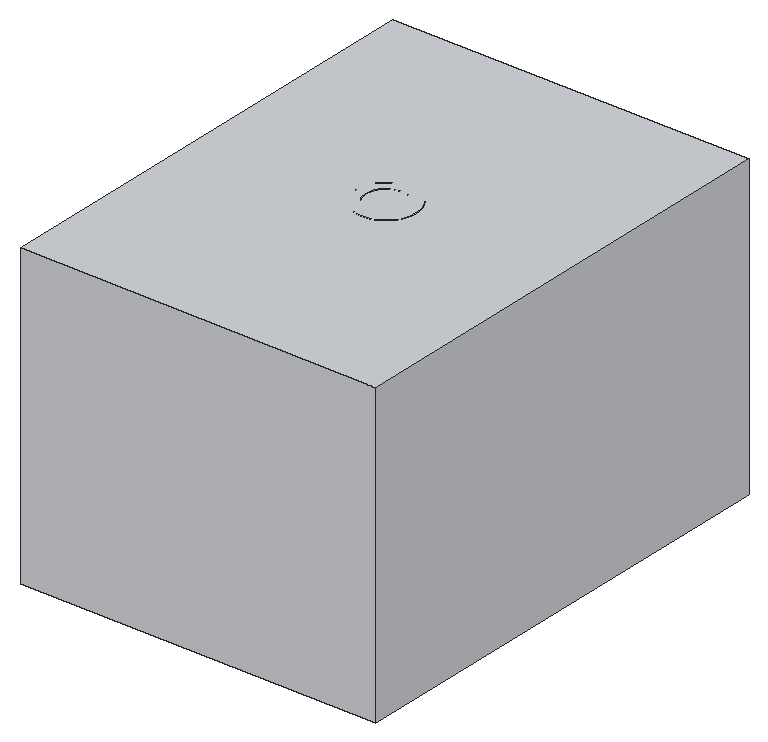
Revit family "NLRS_21_SF_FB_boutanker 1988 M16x140_VPB", category Structural Framing, host Face, Revit 2019
Family settings
  Host = Face
  Section Shape = Not Defined
  Material for Model Behavior = Steel
  Always export as geometry = Yes
  Cut with Voids When Loaded = No
  Symbolic Representation = From Family
  Shared = Yes
  Show family pre-cut in plan views = No
Parameters (values of type "123Casco_VPB_M16x140")
  halve_dnom = dnom / 2  # 8 mm
  halve_b = b / 2  # 10.5 mm
  halve_f = 10 mm
  dnom = 16 mm
  b = 21 mm
  a = 31 mm
  Type Comments = "Boutanker 1988 M16x145 mm"
  Structural Material = <By Category>
  Posnummer = "300187"
  Plus [instance] = no
  Model = "Voorbij-B-Anker"
  Manufacturer = "123Casco"  # constant formula
  L = 140 mm
  Kruis [instance] = yes
  Instortvoorziening = yes
  Description = "Boutanker 1988 M16x145 mm"
  Default Elevation = 0 mm
  Assembly Code = "21.21"
Reference planes
  plane 1 "Center (Front/Back)": y = 0
  plane 2: z = 0
  plane 3 "Center (Left/Right)": x = 0
  plane 4: y = 50
  plane 5: y = -50
  plane 6: z = -141.5
  plane 7: z = -51.5
  plane 8: z = -6.5
  plane 9: z = -52.626
  plane 10: z = -1.5
Forms (mm)
  Extrusion 1, solid
    sketch origin (0, 0, 0) x (1, 0, 0) y (0, 1, 0)
      loop
        line (-87.5, 113.813) -> (-87.5, -117.59) -> (88.926, -117.59) -> (88.926, 113.813) -> (-87.5, 113.813)
    from 0 to -149.146
  Revolve 2, solid
    sketch origin (0, 0, 0) x (1, 0, 0) y (0, 0, 1)
      loop
        line (12.1, -1.5) -> (15, -1.5) -> (15, 0) -> (9.95, 0) -> (9.95, -1.5) -> (0, -1.5) -> (0, -141.5) -> (13.547, -141.5) -> (13.547, -136.3) -> (8, -136.3) -> (8, -52.626) -> (9.95, -51.5) -> (9.95, -6.5) -> (12.1, -6.5) -> (12.1, -1.5)
      axis (0, 0) -> (0, -141.5)
    angle from 0 to 360
Lines and regions (mm)
  symbolic lines, style "Symbolic Lines", visible <- "Plus"
    curve 1: line (-70.711, 0, 0) -> (70.711, 0, 0)
    curve 2: line (0, 70.711, 0) -> (0, -70.711, 0)
  symbolic lines, style "Symbolic Lines", visible <- "Kruis"
    curve 3: line (-50, 50, 0) -> (0, 0, 0)
    curve 4: line (-50, -50, 0) -> (0, 0, 0)
    curve 5: line (0, 0, 0) -> (50, -50, 0)
    curve 6: line (0, 0, 0) -> (50, 50, 0)
Dimensions and locks
  plane 4 to plane 5 = 100 mm  (x2)
  plane 6 to plane 10 = 140 mm
  plane 8 to plane 7 to plane 9 = 45 mm, 1.126 mm locked
  aligned and locked: plane 2 to Extrusion 1
  aligned and locked: level to Extrusion 1
  aligned and locked: plane 7 to Revolve 2
